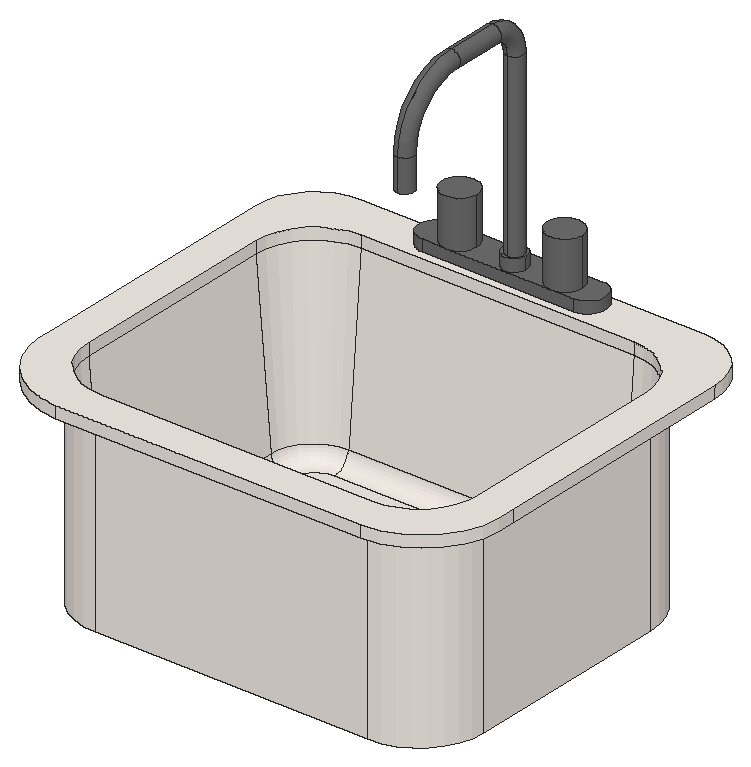
Revit family "M_Vão da pia-Quadrado", category Peças hidrossanitárias, Revit 2019
Family settings
  Cota do conector redondo = Utilizar diâmetro
  Tipo de parte = Normal
  Número OmniClass = 23.45.05.14.14
  Título OmniClass = Sinks/Lavatories
  ID de item do Seek = Sink Vanity-Square-0000-CAN-ENU
  Com base no plano de trabalho = Não
  Sempre na vertical = Sim
  Corte com vazios quando carregada = Não
  Compartilhado = Sim
  Ponto de cálculo do ambiente = Não
Parameters (values of type "500 x 440mm")
  Material da cuba = Porcelana, Linho
  Altura do balcão [instance] = 750.00 mm
  Linear = 440.00 mm
  Material hidráulico = Aço, Polido
  Largura = 500.00 mm
Reference planes
  plane 1 "Centro (Frente/Trás)": y = 5.52
  plane 2: z = 0
  plane 3 "Centro (Esquerda/Direita)": x = 15.689
  plane 4: y = 180.145
  plane 5: y = -259.855
  plane 6: x = -234.311
  plane 7: x = 265.689
  plane 8 "Topo do balcão": z = 750
  plane 9: z = 762.7
  plane 10: z = 534.1
  plane 11: y = 132.52
  plane 12: x = -196.211
  plane 13: y = -221.755
  plane 14: x = 227.589
  plane 15: x = -85.911
  plane 16: x = 117.289
  plane 17: y = 156.333
  plane 18: y = 156.333
  plane 19: y = 156.333
  plane 20: z = 1013.525
  plane 21: y = 7.108
  plane 22: z = 826.2
  plane 23: z = 788.1
  plane 24: y = 161.095
  plane 25: x = -47.811
  plane 26: x = 66.489
Forms (mm)
  Extrusion 1, solid, material "Porcelana, Linho" <- "Material da cuba"
    sketch origin (0, 0, 0) x (1, 0, 0) y (0, 1, 0)
      loop
        arc (181.339, -259.855) -> (246.052, -227.766) -> (265.689, -158.255) r 89.057
        line (265.689, -158.255) -> (265.689, 116.645)
        arc (265.689, 116.645) -> (247.091, 161.547) -> (202.189, 180.145) r 63.5
        line (202.189, 180.145) -> (-170.811, 180.145)
        arc (-170.811, 180.145) -> (-215.712, 161.547) -> (-234.311, 116.645) r 63.5
        line (-234.311, 116.645) -> (-234.311, -158.255)
        arc (-234.311, -158.255) -> (-214.674, -227.766) -> (-149.961, -259.855) r 89.057
        line (-149.961, -259.855) -> (181.339, -259.855)
      loop
        arc (-132.711, 132.52) -> (-177.612, 113.922) -> (-196.211, 69.02) r 63.5
        line (-196.211, 69.02) -> (-196.211, -158.255)
        arc (-196.211, -158.255) -> (-177.612, -203.156) -> (-132.711, -221.755) r 63.5
        line (-132.711, -221.755) -> (164.089, -221.755)
        arc (164.089, -221.755) -> (208.991, -203.156) -> (227.589, -158.255) r 63.5
        line (227.589, -158.255) -> (227.589, 69.02)
        arc (227.589, 69.02) -> (208.991, 113.922) -> (164.089, 132.52) r 63.5
        line (164.089, 132.52) -> (-132.711, 132.52)
    from 750 to 762.7
  Sweep 2, solid, material "Porcelana, Linho" <- "Material da cuba"
    path origin (0, 0, 0) x (1, 0, 0) y (0, 1, 0)
      loop
        arc (-132.711, 132.52) -> (-177.612, 113.922) -> (-196.211, 69.02) r 63.5
        line (-196.211, 69.02) -> (-196.211, -158.255)
        arc (-196.211, -158.255) -> (-177.612, -203.156) -> (-132.711, -221.755) r 63.5
        line (-132.711, -221.755) -> (164.089, -221.755)
        arc (164.089, -221.755) -> (208.991, -203.156) -> (227.589, -158.255) r 63.5
        line (227.589, -158.255) -> (227.589, 69.02)
        arc (227.589, 69.02) -> (208.991, 113.922) -> (164.089, 132.52) r 63.5
        line (164.089, 132.52) -> (-132.711, 132.52)
    profile origin (15.689, 0, 0) x (0, 1, 0) y (0, 0, 1)
      loop
        line (132.52, 750) -> (115.986, 561.015)
        arc (115.986, 561.015) -> (109.879, 548.63) -> (97.009, 543.625) r 19.05
        line (97.009, 543.625) -> (94.42, 543.625) -> (94.42, 534.1) -> (138.87, 534.1) -> (138.87, 750) -> (132.52, 750)
  Extrusion 3, solid, material "Porcelana, Linho" <- "Material da cuba"
    sketch origin (0, 0, 0) x (1, 0, 0) y (0, 1, 0)
      loop
        arc (-132.711, 94.42) -> (-150.671, 86.981) -> (-158.111, 69.02) r 25.4
        line (-158.111, 69.02) -> (-158.111, -158.255)
        arc (-158.111, -158.255) -> (-150.671, -176.215) -> (-132.711, -183.655) r 25.4
        line (-132.711, -183.655) -> (164.089, -183.655)
        arc (164.089, -183.655) -> (182.05, -176.215) -> (189.489, -158.255) r 25.4
        line (189.489, -158.255) -> (189.489, 69.02)
        arc (189.489, 69.02) -> (182.05, 86.981) -> (164.089, 94.42) r 25.4
        line (164.089, 94.42) -> (-132.711, 94.42)
      loop
        circle (15.689, 3.175) r 25.4
    from 534.1 to 543.625
  Extrusion 4, solid, material "Aço, Polido" <- "Material hidráulico"
    sketch origin (0, -17.559, 0) x (1, 0, 0) y (0, 1, 0)
      loop
        circle (-47.811, 178.654) r 19.05
      loop
        circle (66.489, 178.654) r 19.05
    from 762.7 to 826.2
  Sweep 5, solid, material "Aço, Polido" <- "Material hidráulico"
    path origin (15.689, 0, 0) x (0, 1, 0) y (0, 0, 1)
      loop
        line (156.333, 762.7) -> (156.333, 983.363)
        arc (156.333, 983.363) -> (147.499, 1004.691) -> (126.17, 1013.525) r 30.163
        line (126.17, 1013.525) -> (70.608, 1013.525)
        arc (70.608, 1013.525) -> (25.707, 994.926) -> (7.108, 950.025) r 63.5
        line (7.108, 950.025) -> (7.108, 915.1)
    profile origin (15.689, 0, 873.031) x (0, -1, 0) y (1, 0, 0)
      loop
        circle (-156.333, 0) r 9.525
  Extrusion 6, solid, material "Aço, Polido" <- "Material hidráulico"
    sketch origin (0, 0, 0) x (1, 0, 0) y (0, 1, 0)
      loop
        circle (15.689, 156.333) r 12.7
    from 762.7 to 788.1
  Extrusion 7, solid, material "Aço, Polido" <- "Material hidráulico"
    sketch origin (0, 0, 0) x (1, 0, 0) y (0, 1, 0)
      loop
        arc (-73.211, 180.145) -> (-92.261, 161.095) -> (-73.211, 142.045) r 19.05
        line (-73.211, 142.045) -> (91.889, 142.045)
        arc (91.889, 142.045) -> (110.939, 161.095) -> (91.889, 180.145) r 19.05
        line (91.889, 180.145) -> (-73.211, 180.145)
    from 762.7 to 775.2
Cuts and joins
  joined: Extrusion 4, Sweep 5, Extrusion 6, Extrusion 7
  joined: Extrusion 1, Sweep 2, Extrusion 3
Lines and regions (mm)
  Masking region 1
    outline origin (0, 0, 750) x (0, -1, 0) y (1, 0, 0)
      loop
        line (-116.645, -234.311) -> (170.955, -234.311)
        arc (170.955, -234.311) -> (233.816, -208.273) -> (259.855, -145.411) r 88.9
        line (259.855, -145.411) -> (259.855, 181.339)
        arc (259.855, 181.339) -> (235.149, 240.984) -> (175.505, 265.689) r 84.35
        line (175.505, 265.689) -> (-116.645, 265.689)
        arc (-116.645, 265.689) -> (-161.547, 247.091) -> (-180.145, 202.189) r 63.5
        line (-180.145, 202.189) -> (-180.145, -170.811)
        arc (-180.145, -170.811) -> (-161.547, -215.712) -> (-116.645, -234.311) r 63.5
  symbolic lines
    curve 1: line (265.689, -175.505, 750) -> (265.689, 116.645, 750)
    curve 2: line (-145.411, -259.855, 750) -> (181.339, -259.855, 750)
    curve 3: line (-234.311, 116.645, 750) -> (-234.311, -170.955, 750)
    curve 4: arc (41.089, 3.175, 750) -> (15.689, 28.575, 750) -> (-9.711, 3.175, 750) r 25.4
    curve 5: arc (-9.711, 3.175, 750) -> (15.689, -22.225, 750) -> (41.089, 3.175, 750) r 25.4
    curve 6: line (-196.211, 69.02, 750) -> (-196.211, -158.255, 750)
    curve 7: line (-132.711, -221.755, 750) -> (164.089, -221.755, 750)
    curve 8: line (227.589, -158.255, 750) -> (227.589, 69.02, 750)
    curve 9: line (164.089, 132.52, 750) -> (28.389, 132.52, 750)
    curve 10: arc (164.089, -221.755, 750) -> (208.991, -203.156, 750) -> (227.589, -158.255, 750) r 63.5
    curve 11: arc (-196.211, -158.255, 750) -> (-177.612, -203.156, 750) -> (-132.711, -221.755, 750) r 63.5
    curve 12: arc (-132.711, 132.52, 750) -> (-177.612, 113.922, 750) -> (-196.211, 69.02, 750) r 63.5
    curve 13: arc (28.389, 160.745, 750) -> (15.689, 173.445, 750) -> (2.989, 160.745, 750) r 12.7
    curve 14: line (2.989, 160.745, 750) -> (2.989, 40.391, 750)
    curve 15: line (28.389, 160.745, 750) -> (28.389, 40.391, 750)
    curve 16: arc (28.389, 40.391, 750) -> (15.689, 27.691, 750) -> (2.989, 40.391, 750) r 12.7
    curve 17: line (2.989, 132.52, 750) -> (-132.711, 132.52, 750)
    curve 18: arc (-234.311, -170.955, 750) -> (-208.273, -233.816, 750) -> (-145.411, -259.855, 750) r 88.9
    curve 19: arc (181.339, -259.855, 750) -> (240.984, -235.149, 750) -> (265.689, -175.505, 750) r 84.35
    curve 20: arc (164.089, 132.52, 750) -> (208.991, 113.922, 750) -> (227.589, 69.02, 750) r 63.5
    curve 21: line (202.189, 180.145, 750) -> (-170.811, 180.145, 750)
    curve 22: arc (-170.811, 180.145, 750) -> (-215.712, 161.547, 750) -> (-234.311, 116.645, 750) r 63.5
    curve 23: arc (265.689, 116.645, 750) -> (247.091, 161.547, 750) -> (202.189, 180.145, 750) r 63.5
    curve 24: arc (85.539, 161.095, 750) -> (66.489, 180.145, 750) -> (47.439, 161.095, 750) r 19.05
    curve 25: arc (85.539, 161.095, 750) -> (66.489, 142.045, 750) -> (47.439, 161.095, 750) r 19.05
    curve 26: arc (-28.761, 161.095, 750) -> (-47.811, 180.145, 750) -> (-66.861, 161.095, 750) r 19.05
    curve 27: arc (-66.861, 161.095, 750) -> (-47.811, 142.045, 750) -> (-28.761, 161.095, 750) r 19.05
    curve 28: line (-73.211, 142.045, 750) -> (2.989, 142.045, 750)
    curve 29: arc (91.889, 142.045, 750) -> (110.939, 161.095, 750) -> (91.889, 180.145, 750) r 19.05
    curve 30: arc (-73.211, 180.145, 750) -> (-92.261, 161.095, 750) -> (-73.211, 142.045, 750) r 19.05
    curve 31: line (91.889, 180.145, 750) -> (-73.211, 180.145, 750)
    curve 32: line (28.389, 142.045, 750) -> (91.889, 142.045, 750)
Dimensions and locks
  equal spacing: plane 6, plane 3 "Centro (Esquerda/Direita)", plane 7
  "Largura": plane 6 to plane 7
  "Linear": plane 5 to plane 4
  "Altura do balcão": plane 8 "Topo do balcão" to plane 2
  locked: plane 9 to plane 8 "Topo do balcão" at 12.7
  locked: plane 8 "Topo do balcão" to plane 10 at 215.9
  locked: plane 6 to plane 12 at 38.1
  locked: plane 14 to plane 7 at 38.1
  locked: plane 5 to plane 13 at 38.1
  equal spacing: plane 11, plane 17, plane 4
  equal spacing: plane 11, plane 18, plane 4
  equal spacing: plane 4, plane 19, plane 11
  locked: plane 19 to plane 21 at 149.225
  locked: plane 20 to plane 9 at 250.825
  locked: plane 22 to plane 9 at 63.5
  locked: plane 23 to plane 9 at 25.4
  locked: plane 1 "Centro (Frente/Trás)" to plane 4 at 174.625
  plane 24 to plane 4 = 19.05 mm
  locked: plane 25 to plane 3 "Centro (Esquerda/Direita)" at 63.5
  locked: plane 3 "Centro (Esquerda/Direita)" to plane 26 at 50.8
  locked: level to plane 2 at 0
  locked: plane 9 to cut or joined group of Extrusion 4, Sweep 5, Extrusion 6, Extrusion 7 at 12.5
  aligned and locked: Extrusion 1 sketch curve to plane 5
  aligned and locked: plane 8 "Topo do balcão" to Extrusion 1
  aligned and locked: Extrusion 1 to plane 9
  aligned and locked: plane 11 to Extrusion 1 sketch curve
  aligned and locked: plane 14 to Extrusion 1 sketch curve
  aligned and locked: Extrusion 1 sketch curve to plane 12
  aligned and locked: Extrusion 1 sketch curve to plane 13
  aligned and locked: plane 11 to Sweep 2 sketch curve
  aligned and locked: plane 14 to Sweep 2 sketch curve
  aligned and locked: Sweep 2 sketch curve to plane 12
  aligned and locked: Sweep 2 sketch curve to plane 13
  aligned and locked: Sweep 2 to Extrusion 3 sketch curve  (x4)
  aligned and locked: Sweep 2 to Extrusion 3
  aligned and locked: plane 10 to Extrusion 3
  aligned and locked: Sweep 2 sketch curve to plane 10
  aligned and locked: plane 8 "Topo do balcão" to Sweep 2 sketch curve
  aligned and locked: Extrusion 4 to Extrusion 1
  aligned and locked: Extrusion 6 to Extrusion 1
  aligned and locked: Sweep 5 sketch curve to plane 19
  aligned and locked: plane 20 to Sweep 5 sketch curve
  aligned and locked: plane 21 to Sweep 5 sketch curve
  aligned and locked: Extrusion 4 to plane 22
  aligned and locked: Extrusion 6 to plane 23
  aligned and locked: Extrusion 7 to Extrusion 1
  aligned and locked: Masking region 1 sketch curve to curve 3
  aligned and locked: Masking region 1 sketch curve to curve 2
  aligned and locked: Masking region 1 sketch curve to curve 1
  aligned and locked: Masking region 1 sketch curve to curve 21
Automatic sketch dimensions
  Sweep 2 sketch curve to plane 12 = 63.50 mm
  Sweep 2 sketch curve to Sweep 2 sketch curve = 63.50 mm
  plane 11 to Sweep 2 sketch curve = 63.50 mm
  plane 14 to Sweep 2 sketch curve = 63.50 mm
  Sweep 2 sketch curve to profile plane = 0.00 mm
  profile plane to Sweep 2 sketch curve = 16.534 mm
  Sweep 2 sketch curve to Sweep 2 sketch curve = 18.978 mm
  Sweep 2 sketch curve to Sweep 2 sketch curve = 2.588 mm
  Sweep 2 sketch curve to profile plane = 6.35 mm
  Sweep 2 sketch curve to Sweep 2 sketch curve = 9.525 mm
  Sweep 2 sketch curve to Sweep 2 sketch curve = 17.39 mm
  Sweep 5 sketch curve to plane 3 "Centro (Esquerda/Direita)" = 0.00 mm
  Sweep 5 sketch curve to profile plane = 0.00 mm
  profile plane to Sweep 5 sketch curve = 9.525 mm
  Extrusion 6 sketch curve to plane 18 = 0.00 mm
  Extrusion 6 sketch curve to plane 3 "Centro (Esquerda/Direita)" = 0.00 mm
  Extrusion 6 sketch curve to plane 3 "Centro (Esquerda/Direita)" = 12.70 mm
  Sweep 5 sketch curve to plane 9 = 0.00 mm
  Sweep 5 sketch curve to Sweep 5 sketch curve = 63.50 mm
  plane 11 to Sweep 5 sketch curve = 6.35 mm
  Sweep 5 sketch curve to Sweep 5 sketch curve = 34.925 mm
  Extrusion 3 sketch curve to plane 3 "Centro (Esquerda/Direita)" = 0.00 mm
  Extrusion 3 sketch curve to Extrusion 3 sketch curve = 25.40 mm  (x4)
  plane 1 "Centro (Frente/Trás)" to Extrusion 3 sketch curve = 2.345 mm
  Extrusion 3 sketch curve to plane 1 "Centro (Frente/Trás)" = 63.50 mm
  Extrusion 7 sketch curve to plane 24 = 0.00 mm
  plane 25 to Extrusion 7 sketch curve = 25.40 mm
  plane 4 to Extrusion 7 sketch curve = 0.00 mm
  plane 3 "Centro (Esquerda/Direita)" to Extrusion 7 sketch curve = 76.20 mm
  Extrusion 1 sketch curve to plane 6 = 0.00 mm
  Extrusion 1 sketch curve to plane 4 = 0.00 mm
  Extrusion 1 sketch curve to plane 7 = 0.00 mm
  plane 11 to Extrusion 1 sketch curve = 15.875 mm
  Extrusion 1 sketch curve to Extrusion 1 sketch curve = 38.10 mm
  Extrusion 1 sketch curve to plane 12 = 46.25 mm
  Extrusion 1 sketch curve to Extrusion 1 sketch curve = 50.057 mm
  Extrusion 1 sketch curve to Extrusion 1 sketch curve = 17.25 mm  (x2)
  Extrusion 1 sketch curve to Extrusion 1 sketch curve = 63.50 mm  (x2)
  Extrusion 1 sketch curve to Extrusion 1 sketch curve = 13.443 mm
  plane 14 to Extrusion 1 sketch curve = 25.40 mm
  Extrusion 1 sketch curve to Extrusion 1 sketch curve = 12.625 mm  (x2)
  Extrusion 4 sketch curve to plane 24 = 0.00 mm  (x2)
  Extrusion 4 sketch curve to plane 25 = 0.00 mm
  Extrusion 4 sketch curve to plane 26 = 0.00 mm
  Extrusion 4 sketch curve to Extrusion 4 sketch curve = 19.05 mm  (x2)
  plane 11 to Masking region 1 sketch curve = 15.875 mm  (x2)
  Masking region 1 sketch curve to plane 13 = 50.80 mm
  Masking region 1 sketch curve to plane 13 = 46.25 mm
  curve 21 to plane 4 = 0.00 mm
  curve 31 to plane 4 = 0.00 mm
  curve 26 to plane 24 = 0.00 mm
  curve 25 to plane 24 = 0.00 mm
  curve 29 to plane 24 = 0.00 mm
  curve 30 to plane 24 = 0.00 mm
  curve 13 to plane 3 "Centro (Esquerda/Direita)" = 0.00 mm
  curve 9 to plane 11 = 0.00 mm
  curve 17 to plane 11 = 0.00 mm
  curve 3 to plane 6 = 0.00 mm
  curve 23 to plane 7 = 0.00 mm
  curve 8 to plane 14 = 0.00 mm
  curve 6 to plane 12 = 0.00 mm
  curve 4 to plane 3 "Centro (Esquerda/Direita)" = 0.00 mm
  curve 7 to plane 13 = 0.00 mm
  curve 18 to plane 5 = 0.00 mm
  curve 26 to plane 25 = 0.00 mm
  curve 25 to plane 26 = 0.00 mm
  plane 24 to curve 13 = 0.351 mm
  plane 11 to curve 23 = 15.875 mm
  plane 11 to curve 22 = 15.875 mm
  curve 22 to curve 12 = 47.625 mm
  curve 23 to curve 20 = 47.625 mm
  curve 14 to plane 3 "Centro (Esquerda/Direita)" = 12.70 mm
  curve 14 to plane 1 "Centro (Frente/Trás)" = 34.87 mm
  plane 1 "Centro (Frente/Trás)" to curve 4 = 2.345 mm
  curve 11 to plane 13 = 63.50 mm
  curve 8 to plane 13 = 63.50 mm
  curve 11 to curve 18 = 12.70 mm
  curve 10 to curve 19 = 17.25 mm
  plane 25 to curve 31 = 25.40 mm
  plane 25 to curve 28 = 25.40 mm
  curve 30 to curve 26 = 6.35 mm
  curve 4 to plane 3 "Centro (Esquerda/Direita)" = 25.40 mm
  plane 26 to curve 24 = 19.05 mm
  curve 24 to curve 29 = 6.35 mm
  curve 31 to curve 29 = 0.00 mm
